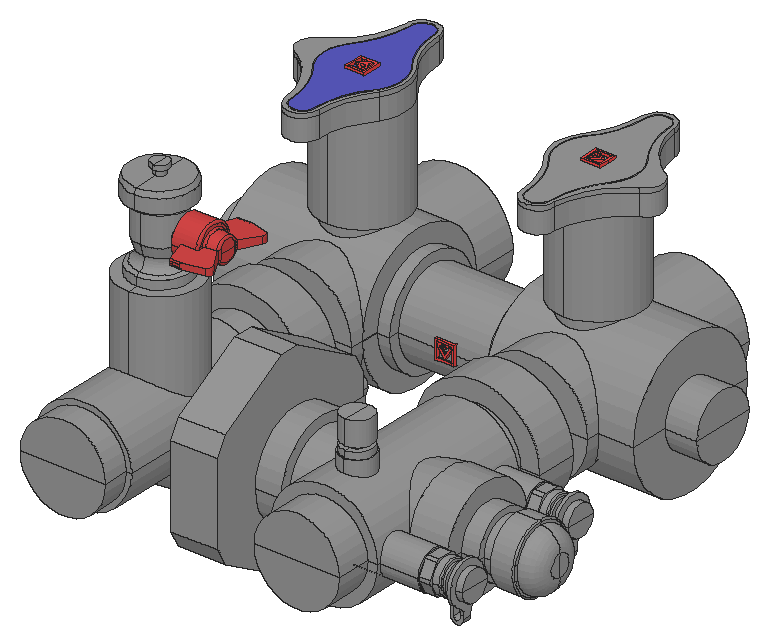
Revit family "HerzCon-Fan-coils and terminal units connection 120mm", category Rohrzubehör, Revit 2020
Family settings
  Bemaßung runder Anschluss = Durchmesser verwenden
  Teiletyp = Unterbricht
  OmniClass-Nummer = 23.65.55.14
  OmniClass-Titel = Valves for Liquid Services
  Arbeitsebenenbasiert = Nein
  Immer vertikal = Ja
  Beim Laden mit Abzugskörper schneiden = Nein
  Gemeinsam genutzt = Nein
Parameters (values of type "DN32")
  kvs-Wert (normal funktion) = 4.57  # constant formula
  kvs-Wert (bypass funktion) = 14.2  # constant formula
  Vorgabe-Ansicht = 0.00 mm
  URL = "www.herzvalves.com"
  SCRNSEQ = "ARM;TYP_ARM=\"DURR\";02"
  SCRNCODE = "05;04;04"  # constant formula
  Part number [instance] = 1460054  # constant formula
  Nennweite SF [instance] = 40.00 mm  # constant formula
  Nennweite Kombi [instance] = 40.00 mm  # constant formula
  Nennweite KH [instance] = 32.00 mm  # constant formula
  Min. operating temperature = -20 °C  # constant formula
  Membranes and O-rings = "EPDM"  # constant formula
  Medium = "Water purity in accordance with the ÖNORM H 5195 and VDI 2035 standards.\r\nEthylene and propylene glycol can be mixed to a ratio of 25 - 50 vol. [%]."
  Max. operating temperature = 130 °C  # constant formula
  Max. operating pressure = 2500000.0 Pa  # constant formula
  Max. differential pressure = 400000.0 Pa  # constant formula
  L11 = 16.00 mm  # constant formula
  L10 = 29.30 mm  # constant formula
  L09 = 20.00 mm  # constant formula
  L08 = 14.75 mm  # constant formula
  L07 = 19.25 mm  # constant formula
  L06 = 17.00 mm  # constant formula
  L05 = 26.50 mm  # constant formula
  L04 = 55.00 mm  # constant formula
  L03 = 22.40 mm  # constant formula
  L02 = 6.10 mm  # constant formula
  L01 = 15.00 mm  # constant formula
  L00 [instance] = 226.20 mm  # constant formula
  KR02 = 18.25 mm  # constant formula
  KR01 = 35.00 mm  # constant formula
  KL09 = 4.70 mm  # constant formula
  KL08 = KL06 + KL07  # 70.70 mm
  KL07 = 21.80 mm  # constant formula
  KL06 = KH01 + KL05  # 48.90 mm
  KL05 = 15.40 mm  # constant formula
  KL04 = 12.00 mm  # constant formula
  KL03 = KH03 - 9.00 mm  # 57.00 mm
  KL02 = 16.00 mm  # constant formula
  KL01 = 114.00 mm  # constant formula
  KH03 = 66.00 mm  # constant formula
  KH02 = KH01 + KD01  # 58.50 mm
  KH01 = 33.50 mm  # constant formula
  KD09 = 11.25 mm  # constant formula
  KD08 = 24.50 mm  # constant formula
  KD07 = 23.30 mm  # constant formula
  KD06 = 15.00 mm  # constant formula
  KD05 = 12.50 mm  # constant formula
  KD04 = 13.90 mm  # constant formula
  KD03 = 20.00 mm  # constant formula
  KD02 = 20.00 mm  # constant formula
  KD01 = 25.00 mm  # constant formula
  Lift = "4 mm"  # constant formula
  Hersteller = "HERZ Armaturen Ges.m.b.H."  # constant formula
  H01 = D02 + 1.00 mm  # 34.00 mm
  D10 = 21.40 mm  # constant formula
  D09 = 13.00 mm  # constant formula
  D08 = 18.40 mm  # constant formula
  D07 = 39.00 mm  # constant formula
  D06 = 45.00 mm  # constant formula
  D05 = 54.50 mm  # constant formula
  D04 = 20.00 mm  # constant formula
  D03 = 24.50 mm  # constant formula
  D02 = 33.00 mm  # constant formula
  D01 = 15.00 mm  # constant formula
  Body = "dezincification-resistant brass"  # constant formula
  Application = "HerzCON has been designed to give a simple connection to fan-coils, or other terminal units, and utilises the HERZ 4006 SMART Pressure Independent Balancing Control Valve with HERZ multifunctional ball valve and a HERZ strainer with HERZ drain valve 2512.\r\nOn/off or modulating 0 – 10 V DC actuators can be fitted and integrated to a BMS if required.\r\nThe unit allows pressure independent control ensuring full stroke regardless of pressure fluctuations, while guaranteeing a constant flow rate to the terminal unit maximising energy efficiency for the system.\r\nThe HerzCON unit also permits flushing and isolating operations to be undertaken.\r\nThis means there is no product differentiation between heating and chilled, one unit does both applications.\r\nThe drain cock fitted to the strainer allows flushing without the need to remove the strainer basket and also allows the strainer basket to be cleaned in-situ."
Reference planes
  plane 1 "Mitte (Vorne/hinten)": y = 0
  plane 2: z = 0
  plane 3 "Mitte (Links/rechts)": x = 0
Forms (mm)
  Revolve 1, solid, material "Messing, weicher Gelbton, geschweißt", detail levels fine
    sketch origin (0, -1.436, 0) x (1, 0, 0) y (0, 1, 0)
      loop
        line (-113.1, 1.436) -> (113.1, 1.436) -> (113.1, 16.436) -> (98.1, 16.436) -> (98.1, 34.436) -> (28.5, 34.436) -> (28.5, 25.936) -> (22.4, 25.936) -> (22.4, 21.436) -> (-22.4, 21.436) -> (-22.4, 25.936) -> (-28.5, 25.936) -> (-28.5, 34.436) -> (-98.1, 34.436) -> (-98.1, 16.436) -> (-113.1, 16.436) -> (-113.1, 1.436)
      axis (113.1, 1.436) -> (-113.1, 1.436)
    angle from 0 to 360
  Revolve 2, solid, material "Messing, weicher Gelbton, geschweißt", detail levels fine
    sketch origin (0, 0, 0) x (-1, 0, 0) y (0, 1, 0)
      loop
        line (-55, -57.4) -> (-55, 33.1) -> (-71, 33.1) -> (-71, 54.5) -> (-81.5, 54.5) -> (-81.5, -39) -> (-69.75, -39) -> (-69.75, -51.4) -> (-84.3, -51.4) -> (-84.3, -70.4) -> (-75, -70.4) -> (-75, -57.4) -> (-55, -57.4)
      axis (-55, -70.4) -> (-55, 54.5)
    angle from 0 to 360
  Revolve 3, solid, material "Messing, weicher Gelbton, geschweißt", detail levels fine
    sketch origin (0, 0, 0) x (1, 0, 0) y (0, 0, 1)
      loop
        line (-55, 0) -> (-55, 45) -> (-72, 45) -> (-72, 0) -> (-55, 0)
      axis (-55, 45) -> (-55, 0)
    angle from 0 to 360
  Revolve 4, solid, material "Messing, weicher Gelbton, geschweißt", detail levels fine
    sketch origin (0, 0, 0) x (-1, 0, 0) y (0, 0, 1)
      loop
        line (-55, 0) -> (-55, 45) -> (-72, 45) -> (-72, 0) -> (-55, 0)
      axis (-55, 45) -> (-55, 0)
    angle from 0 to 360
  Revolve 5, solid, material "Messing, weicher Gelbton, geschweißt", detail levels fine
    sketch origin (0, 0, 0) x (1, 0, 0) y (0, 1, 0)
      loop
        line (-55, -57.4) -> (-55, 33.1) -> (-71, 33.1) -> (-71, 54.5) -> (-81.5, 54.5) -> (-81.5, -39) -> (-69.75, -39) -> (-69.75, -51.4) -> (-84.3, -51.4) -> (-84.3, -70.4) -> (-75, -70.4) -> (-75, -57.4) -> (-55, -57.4)
      axis (-55, -70.4) -> (-55, 54.5)
    angle from 0 to 360
  Revolve 6, solid, material "Messing, weicher Gelbton, geschweißt", detail levels fine
    sketch origin (10, 7.177, 0) x (1, 0, 0) y (0, 1, 0)
      loop
        line (45, -68.677) -> (25, -68.677) -> (25, -84.677) -> (20, -84.677) -> (20, -166.677) -> (25, -166.677) -> (25, -182.677) -> (45, -182.677) -> (45, -68.677)
      axis (45, -68.677) -> (45, -182.677)
    angle from 0 to 360
  Revolve 7, solid, material "Messing, weicher Gelbton, geschweißt", detail levels fine
    sketch origin (10, -105.85, 0) x (1, 0, 0) y (0, 1, 0)
      loop
        line (11.5, -12.65) -> (11.5, -32.65) -> (45, -32.65) -> (70, -35.95) -> (87.8, -35.95) -> (87.8, -27.65) -> (96.3, -27.65) -> (96.3, -25.15) -> (102, -25.15) -> (102, -26.55) -> (111, -26.55) -> (111, -12.65) -> (11.5, -12.65)
      axis (11.5, -12.65) -> (111, -12.65)
    angle from 0 to 360
  Revolve 8, solid, material "Messing, weicher Gelbton, geschweißt", detail levels fine
    sketch origin (10, -105.85, 0) x (1, 0, 0) y (0, 1, 0)
      loop
        line (11.5, -12.65) -> (-3.9, -12.65) -> (-3.9, -23.9) -> (-0.5, -23.9) -> (-0.5, -37.15) -> (11.5, -37.15) -> (11.5, -12.65)
      axis (-3.9, -12.65) -> (11.5, -12.65)
    angle from 0 to 360
  Extrusion 9, solid, material "Messing, weicher Gelbton, geschweißt", detail levels fine
    sketch origin (-4.9, 62.574, 0) x (0, 1, 0) y (0, 0, 1)
      loop
        line (-176.324, 46) -> (-185.824, 46) -> (-218.536, 27.114) -> (-223.286, 18.886) -> (-223.286, -18.886) -> (-218.536, -27.114) -> (-185.824, -46) -> (-176.324, -46) -> (-143.612, -27.114) -> (-138.862, -18.886) -> (-138.862, 18.886) -> (-143.612, 27.114) -> (-176.324, 46)
    from 11 to -10.8
  Revolve 10, solid, material "Messing, weicher Gelbton, geschweißt", detail levels fine
    sketch origin (-4.9, -105.85, 0) x (1, 0, 0) y (0, 1, 0)
      loop
        line (-10.8, -12.65) -> (-10.8, 22.35) -> (-15.5, 5.6) -> (-15.5, -12.65) -> (-10.8, -12.65)
      axis (-15.5, -12.65) -> (-10.8, -12.65)
    angle from 0 to 360
  Extrusion 11, solid, material "Messing, weicher Gelbton, geschweißt", detail levels fine
    sketch origin (-4.9, -105.85, 0) x (1, 0, 0) y (0, 0, 1)
      loop
        line (11, 8) -> (-7.5, 8)
        arc (-7.5, 8) -> (-15.5, 0) -> (-7.5, -8) r 8
        line (-7.5, -8) -> (11, -8) -> (11, 8)
    from -30.847 to 12.65
  Revolve 12, solid, material "Messing, weicher Gelbton, geschweißt", detail levels fine
    sketch origin (-4.9, -105.85, 0) x (1, 0, 0) y (0, 1, 0)
      loop
        line (-14.5, 30.847) -> (-7.5, 30.847) -> (-7.5, 46.847) -> (-14.5, 46.847) -> (-14.5, 35.847) -> (-11.5, 35.847) -> (-11.5, 33.847) -> (-14.5, 33.847) -> (-14.5, 30.847)
      axis (-7.5, 46.847) -> (-7.5, 30.847)
    angle from 0 to 360
  Revolve 13, solid, material "Messing, weicher Gelbton, geschweißt", detail levels fine
    sketch origin (55, -105.85, 0) x (0, 1, 0) y (0, 0, 1)
      loop
        line (-34.65, 0) -> (-26.85, 0) -> (-26.85, 31) -> (-27.65, 31) -> (-27.65, 34) -> (-30.65, 34) -> (-30.65, 36) -> (-27.65, 36) -> (-27.65, 47) -> (-34.65, 47) -> (-34.65, 0)
      axis (-34.65, 47) -> (-34.65, 0)
    angle from 0 to 360
  Revolve 14, solid, material "Messing, weicher Gelbton, geschweißt", detail levels fine
    sketch origin (0, 0, 0) x (1, 0, 0) y (0, 1, 0)
      loop
        line (55, -96.5) -> (97.8, -96.5) -> (97.8, -87.5) -> (55, -87.5) -> (55, -96.5)
      axis (97.8, -87.5) -> (55, -87.5)
    angle from 0 to 360
  Revolve 15, solid, material "Messing, weicher Gelbton, geschweißt", detail levels fine
    sketch origin (0, -396.8, 0) x (1, 0, 0) y (0, -1, 0)
      loop
        line (55, -256.3) -> (97.8, -256.3) -> (97.8, -247.3) -> (55, -247.3) -> (55, -256.3)
      axis (97.8, -247.3) -> (55, -247.3)
    angle from 0 to 360
  Revolve 16, solid, material "Messing, weicher Gelbton, geschweißt", detail levels fine
    sketch origin (0, 251.113, 0) x (1, 0, 0) y (0, 1, 0)
      loop
        line (-55, -312.613) -> (-75, -312.613) -> (-75, -335.613) -> (-77.5, -335.613) -> (-77.5, -413.943) -> (-75, -413.943) -> (-75, -425.613) -> (-55, -425.613) -> (-55, -312.613)
      axis (-55, -312.613) -> (-55, -425.613)
    angle from 0 to 360
  Revolve 17, solid, material "Messing, weicher Gelbton, geschweißt", detail levels fine
    sketch origin (-55, 0, 0) x (0, 1, 0) y (0, 0, 1)
      loop
        line (-105, 0) -> (-105, -36)
        arc (-105, -36) -> (-92.506, -32.657) -> (-84.5, -22.5) r 20.5
        line (-84.5, -22.5) -> (-84.5, 0) -> (-105, 0)
      axis (-105, 0) -> (-105, -36)
    angle from 0 to 360
  Revolve 18, solid, material "Messing, weicher Gelbton, geschweißt", detail levels fine
    sketch origin (-55, -511.376, 0) x (0, 1, 0) y (0, 0, 1)
      loop
        line (393.376, 0) -> (411.876, 0) -> (411.876, 57) -> (406.876, 57) -> (406.876, 61) -> (404.999, 62.084)
        arc (404.999, 62.084) -> (402.831, 64.622) -> (402.743, 67.959) r 5
        line (402.743, 67.959) -> (404.381, 73) -> (404.381, 88) -> (406.581, 88) -> (406.581, 89.5) -> (408.361, 89.5) -> (408.361, 96) -> (407.361, 98.5) -> (395.861, 98.5) -> (395.861, 101.5) -> (397.361, 101.5) -> (397.361, 103.5) -> (393.376, 103.5) -> (393.376, 0)
      axis (393.376, 103.5) -> (393.376, 0)
    angle from 0 to 360
  Extrusion 19, solid, material "Messing, weicher Gelbton, geschweißt", detail levels fine
    sketch origin (5.52, -501.459, 12) x (0, 1, 0) y (0, 0, 1)
      loop
        circle (383.459, 65) r 5.5
    from -60.52 to -43.52
Dimensions and locks
  "L00": Revolve 1 sketch curve to Revolve 1 sketch curve
  "L01": Revolve 1 sketch curve to Revolve 1 sketch curve  (x2)
  "L02": Revolve 1 sketch curve to Revolve 1 sketch curve  (x2)
  equal spacing: Revolve 1 sketch curve, plane 3 "Mitte (Links/rechts)", Revolve 1 sketch curve
  "D01": Revolve 1 sketch curve to Revolve 1 sketch curve  (x2)
  "D02": Revolve 1 sketch curve to Revolve 1 sketch curve  (x2)
  "D03": Revolve 1 sketch curve to Revolve 1 sketch curve  (x2)
  "D04": Revolve 1 sketch curve to Revolve 1 sketch curve
  "D04": nested 2 to plane 1 "Mitte (Vorne/hinten)"
  "D04": nested 1 to plane 1 "Mitte (Vorne/hinten)"
  "L03": Revolve 1 sketch curve to plane 3 "Mitte (Links/rechts)" to Revolve 1 sketch curve
  "L05": Revolve 2 sketch curve to Revolve 2 sketch curve
  "L04": plane 3 "Mitte (Links/rechts)" to Revolve 2 sketch curve  (x2)
  "L04": plane 3 "Mitte (Links/rechts)" to Revolve 3 sketch curve  (x2)
  "L06": Revolve 3 sketch curve to Revolve 3 sketch curve
  "D06": Revolve 3 sketch curve to plane 2
  "L06": Revolve 4 sketch curve to Revolve 4 sketch curve
  "D06": Revolve 4 sketch curve to plane 2
  "L04": plane 3 "Mitte (Links/rechts)" to Revolve 4 sketch curve
  "L04": Revolve 4 sketch curve to plane 3 "Mitte (Links/rechts)"
  "L04": plane 3 "Mitte (Links/rechts)" to nested 3
  "L04": nested 4 to plane 3 "Mitte (Links/rechts)"
  "H01": nested 3 to plane 2
  "H01": nested 4 to plane 2
  "D05": plane 1 "Mitte (Vorne/hinten)" to Revolve 2 sketch curve
  "D07": Revolve 2 sketch curve to plane 1 "Mitte (Vorne/hinten)"
  "D08": Revolve 2 sketch curve to Revolve 2 sketch curve
  "L08": Revolve 2 sketch curve to Revolve 2 sketch curve
  "L10": Revolve 2 sketch curve to Revolve 2 sketch curve
  "L09": Revolve 2 sketch curve to Revolve 2 sketch curve
  "D09": Revolve 2 sketch curve to Revolve 2 sketch curve
  "L05": Revolve 5 sketch curve to Revolve 5 sketch curve
  "D08": Revolve 5 sketch curve to Revolve 5 sketch curve
  "L08": Revolve 5 sketch curve to Revolve 5 sketch curve
  "L10": Revolve 5 sketch curve to Revolve 5 sketch curve
  "L09": Revolve 5 sketch curve to Revolve 5 sketch curve
  "D09": Revolve 5 sketch curve to Revolve 5 sketch curve
  "D05": plane 1 "Mitte (Vorne/hinten)" to Revolve 5 sketch curve
  "D07": Revolve 5 sketch curve to plane 1 "Mitte (Vorne/hinten)"
  "L11": Revolve 5 sketch curve to Revolve 5 sketch curve
  "L04": Revolve 5 sketch curve to plane 3 "Mitte (Links/rechts)"  (x2)
  "D10": Revolve 5 sketch curve to Revolve 5 sketch curve
  "L11": Revolve 2 sketch curve to Revolve 2 sketch curve
  "D10": Revolve 2 sketch curve to Revolve 2 sketch curve
  "KD02": Revolve 6 sketch curve to Revolve 6 sketch curve  (x2)
  "KD01": Revolve 6 sketch curve to Revolve 6 sketch curve
  Revolve 6 sketch curve to Revolve 6 sketch curve = 114.00 mm
  "KL02": Revolve 6 sketch curve to Revolve 6 sketch curve  (x2)
  equal spacing: Revolve 6, Revolve 7 sketch curve, Revolve 6  (x2)
  Revolve 7 sketch curve to Revolve 7 sketch curve = 99.50 mm
  Revolve 7 sketch curve to Revolve 7 sketch curve = 9.00 mm
  Revolve 7 sketch curve to Revolve 7 sketch curve = 5.70 mm
  Revolve 7 sketch curve to Revolve 7 sketch curve = 8.50 mm
  "KD04": Revolve 7 sketch curve to Revolve 7 sketch curve
  "KD05": Revolve 7 sketch curve to Revolve 7 sketch curve
  "KD06": Revolve 7 sketch curve to Revolve 7 sketch curve
  "KD03": Revolve 7 sketch curve to Revolve 7 sketch curve
  "KH01": Revolve 7 sketch curve to Revolve 7 sketch curve
  "KH02": Revolve 7 sketch curve to Revolve 7 sketch curve
  "KH01": Revolve 8 sketch curve to Revolve 7
  equal spacing: Revolve 6, Revolve 8 sketch curve, Revolve 6  (x2)
  "KD08": Revolve 8 sketch curve to Revolve 8 sketch curve
  "KD09": Revolve 8 sketch curve to Revolve 8 sketch curve
  "KL05": Revolve 8 sketch curve to Revolve 8 sketch curve
  "KL04": Revolve 8 sketch curve to Revolve 8 sketch curve
  equal spacing: Revolve 6, Revolve 10 sketch curve, Revolve 6  (x2)
  "KR02": Revolve 10 sketch curve to Revolve 10 sketch curve
  "KR01": Revolve 10 sketch curve to Revolve 10 sketch curve
  "KL09": Revolve 10 sketch curve to Extrusion 9
  equal spacing: Revolve 6, nested 5, Revolve 6
  Revolve 12 sketch curve to Revolve 12 sketch curve = 7.00 mm  (x2)
  Revolve 12 sketch curve to Revolve 12 sketch curve = 4.00 mm
  Revolve 12 sketch curve to Revolve 12 sketch curve = 3.00 mm
  Revolve 12 sketch curve to Revolve 12 sketch curve = 2.00 mm
  Revolve 12 sketch curve to Revolve 12 sketch curve = 11.00 mm
  Revolve 10 to Revolve 12 sketch curve = 1.00 mm
  Revolve 10 to Revolve 12 sketch curve = 8.00 mm
  Extrusion 11 to Revolve 12 sketch curve = 43.497 mm
  equal spacing: Revolve 6, Extrusion 11, Revolve 6
  Revolve 13 sketch curve to Revolve 13 sketch curve = 7.80 mm
  Revolve 13 sketch curve to Revolve 13 sketch curve = 7.00 mm  (x2)
  Revolve 13 sketch curve to Revolve 13 sketch curve = 4.00 mm
  Revolve 13 sketch curve to Revolve 13 sketch curve = 3.00 mm
  Revolve 13 sketch curve to Revolve 13 sketch curve = 2.00 mm
  Revolve 13 sketch curve to Revolve 13 sketch curve = 11.00 mm
  "L04": plane 3 "Mitte (Links/rechts)" to Revolve 6 sketch curve  (x2)
  "KH03": Revolve 7 sketch curve to Revolve 7 sketch curve
  "KD07": Revolve 7 sketch curve to Revolve 7 sketch curve
  "KL03": Revolve 7 to nested 5
  "KL06": Extrusion 9 to Revolve 7
  Extrusion 9 sketch curve to Extrusion 9 sketch curve = 92.00 mm  (x3)
  Extrusion 9 sketch curve to Extrusion 9 sketch curve = 84.424 mm  (x3)
  "KL07": Extrusion 9 to Extrusion 9
  "KL08": Revolve 10 sketch curve to Revolve 7
  Revolve 6 to Extrusion 9 sketch curve = 14.788 mm
  Extrusion 9 sketch curve to Revolve 6 = 14.788 mm
  Extrusion 11 sketch curve to Extrusion 11 sketch curve = 26.50 mm
  Revolve 14 sketch curve to Revolve 14 sketch curve = 42.80 mm
  Revolve 14 sketch curve to Revolve 14 sketch curve = 9.00 mm
  Revolve 14 sketch curve to Revolve 6 = 26.00 mm  (x2)
  Revolve 15 sketch curve to Revolve 15 sketch curve = 42.80 mm
  Revolve 15 sketch curve to Revolve 15 sketch curve = 9.00 mm
  Revolve 6 to Revolve 15 sketch curve = 26.00 mm  (x2)
  Revolve 6 to nested 6 = 26.00 mm
  Revolve 7 to nested 6 = 42.80 mm
  nested 7 to Revolve 6 = 26.00 mm
  Revolve 7 to nested 7 = 42.80 mm
  Revolve 13 sketch curve to plane 2 = 31.00 mm
  Revolve 13 sketch curve to Revolve 6 = 35.00 mm  (x2)
  Revolve 2 to Revolve 6 = 230.00 mm
  Revolve 16 sketch curve to Revolve 16 sketch curve = 23.00 mm
  Revolve 16 sketch curve to Revolve 16 sketch curve = 11.67 mm
  Revolve 16 sketch curve to Revolve 16 sketch curve = 113.00 mm
  "L04": Revolve 16 sketch curve to plane 3 "Mitte (Links/rechts)"  (x2)
  Revolve 16 sketch curve to Revolve 16 sketch curve = 20.00 mm  (x2)
  Revolve 16 sketch curve to Revolve 16 sketch curve = 22.50 mm
  Revolve 17 sketch curve to Revolve 17 sketch curve = 22.50 mm
  Revolve 17 sketch curve to Revolve 17 sketch curve = 20.50 mm
  "L04": Revolve 17 to plane 3 "Mitte (Links/rechts)"
  Revolve 18 sketch curve to Revolve 18 sketch curve = 13.50 mm
  "L04": Revolve 18 to plane 3 "Mitte (Links/rechts)"
  Revolve 18 sketch curve to plane 2 = 57.00 mm
  Revolve 18 sketch curve to Revolve 18 sketch curve = 4.00 mm
  equal spacing: Revolve 16, Revolve 18 sketch curve, Revolve 16  (x2)
  "L04": Extrusion 19 to plane 3 "Mitte (Links/rechts)"
  Extrusion 19 to Extrusion 19 = 17.00 mm
  Revolve 18 to Extrusion 19 = 11.00 mm
  Revolve 18 to nested 8 = 11.00 mm
  equal spacing: Revolve 16, nested 8, Revolve 16
  equal spacing: Revolve 16, Extrusion 19 sketch curve, Revolve 16
  Revolve 16 to Revolve 5 = 229.00 mm
  Revolve 16 to Revolve 17 sketch curve = 43.50 mm  (x2)
  plane 2 to Revolve 17 sketch curve = 36.00 mm
  radius of Extrusion 11 sketch curve = 8.00 mm
  radius of Extrusion 19 sketch curve = 5.50 mm
  aligned and locked: level to plane 2
Automatic sketch dimensions
  Extrusion 9 sketch curve to level = 27.114 mm  (x2)
  Extrusion 9 sketch curve to Extrusion 9 sketch curve = 4.75 mm  (x2)
  level to Extrusion 9 sketch curve = 27.114 mm  (x2)
  Extrusion 9 sketch curve to Extrusion 9 sketch curve = 32.712 mm  (x2)
  level to Extrusion 9 sketch curve = 46.00 mm
  Extrusion 9 sketch curve to Extrusion 9 sketch curve = 9.50 mm
  Extrusion 9 sketch curve to Extrusion 9 sketch curve = 8.227 mm  (x2)
  Extrusion 11 sketch curve to level = 0.00 mm
  Extrusion 11 sketch curve to plane 3 "Mitte (Links/rechts)" = 12.40 mm
  Revolve 12 sketch curve to Revolve 12 sketch curve = 1.775 mm
  Revolve 12 sketch curve to Revolve 12 sketch curve = 4.225 mm
  Revolve 13 sketch curve to level = 0.00 mm
  level to Revolve 13 sketch curve = 7.505 mm
  Revolve 13 sketch curve to Revolve 13 sketch curve = 10.256 mm
  plane 3 "Mitte (Links/rechts)" to Revolve 14 sketch curve = 55.00 mm
  Revolve 14 sketch curve to Revolve 14 sketch curve = 12.80 mm
  Revolve 14 sketch curve to Revolve 14 sketch curve = 5.00 mm
  Revolve 15 sketch curve to plane 3 "Mitte (Links/rechts)" = 55.00 mm
  Revolve 15 sketch curve to Revolve 15 sketch curve = 12.80 mm
  Revolve 15 sketch curve to Revolve 15 sketch curve = 5.00 mm
  Revolve 17 sketch curve to level = 0.00 mm
  Revolve 17 sketch curve to Revolve 17 sketch curve = 1.219 mm
  Revolve 17 sketch curve to Revolve 17 sketch curve = 6.00 mm
  Revolve 17 sketch curve to level = 5.00 mm
  Revolve 18 sketch curve to level = 0.00 mm
  Revolve 18 sketch curve to Revolve 18 sketch curve = 2.485 mm
  Revolve 18 sketch curve to Revolve 18 sketch curve = 1.50 mm  (x2)
  level to Revolve 18 sketch curve = 67.959 mm
  Revolve 18 sketch curve to Revolve 18 sketch curve = 6.883 mm
  Revolve 18 sketch curve to Revolve 18 sketch curve = 8.52 mm
  level to Revolve 18 sketch curve = 62.084 mm
  Revolve 18 sketch curve to Revolve 18 sketch curve = 2.255 mm
  Revolve 18 sketch curve to Revolve 18 sketch curve = 2.20 mm
  level to Revolve 18 sketch curve = 98.50 mm
  Revolve 18 sketch curve to Revolve 18 sketch curve = 0.78 mm
  Revolve 18 sketch curve to Revolve 18 sketch curve = 2.50 mm  (x2)
  Revolve 18 sketch curve to Revolve 18 sketch curve = 1.78 mm
  Revolve 18 sketch curve to Revolve 18 sketch curve = 5.041 mm
  Revolve 18 sketch curve to Revolve 18 sketch curve = 10.50 mm
  Revolve 18 sketch curve to Revolve 18 sketch curve = 3.00 mm
  Revolve 18 sketch curve to Revolve 18 sketch curve = 2.00 mm
  Revolve 18 sketch curve to Revolve 18 sketch curve = 8.124 mm
  Revolve 18 sketch curve to Revolve 18 sketch curve = 5.00 mm
  Revolve 18 sketch curve to Revolve 18 sketch curve = 21.227 mm
  level to Extrusion 19 sketch curve = 77.00 mm
  Revolve 1 sketch curve to plane 1 "Mitte (Vorne/hinten)" = 0.00 mm
  plane 1 "Mitte (Vorne/hinten)" to Revolve 1 sketch curve = 0.00 mm
  Revolve 1 sketch curve to Revolve 1 sketch curve = 1904.835 mm  (x2)
  Revolve 2 sketch curve to Revolve 2 sketch curve = 6.00 mm
  Revolve 2 sketch curve to Revolve 2 sketch curve = 7.746 mm
  Revolve 2 sketch curve to Revolve 2 sketch curve = 7.208 mm
  Revolve 3 sketch curve to level = 0.00 mm  (x2)
  Revolve 3 sketch curve to Revolve 3 sketch curve = 6.726 mm
  Revolve 4 sketch curve to level = 0.00 mm  (x2)
  Revolve 4 sketch curve to Revolve 4 sketch curve = 6.726 mm
  Revolve 5 sketch curve to Revolve 5 sketch curve = 6.00 mm
  Revolve 5 sketch curve to Revolve 5 sketch curve = 7.746 mm
  Revolve 5 sketch curve to Revolve 5 sketch curve = 7.208 mm
  plane 1 "Mitte (Vorne/hinten)" to Revolve 6 sketch curve = 175.50 mm
  Revolve 6 sketch curve to Revolve 6 sketch curve = 6.00 mm
  Revolve 6 sketch curve to Revolve 6 sketch curve = 5.00 mm
  plane 3 "Mitte (Links/rechts)" to Revolve 7 sketch curve = 21.50 mm
  Revolve 7 sketch curve to Revolve 7 sketch curve = 5.00 mm
  Revolve 7 sketch curve to Revolve 7 sketch curve = 11.575 mm
  Revolve 8 sketch curve to Revolve 8 sketch curve = 2.197 mm
  Revolve 8 sketch curve to Revolve 8 sketch curve = 3.212 mm
  Revolve 10 sketch curve to Revolve 10 sketch curve = 0.00 mm  (x2)
  plane 1 "Mitte (Vorne/hinten)" to Revolve 16 sketch curve = 174.50 mm
  Revolve 16 sketch curve to Revolve 16 sketch curve = 26.33 mm
  Revolve 16 sketch curve to Revolve 16 sketch curve = 12.00 mm
Nested families
  nested 1: "Herz-Logo-vorne" at (0, -20, 0) x (0, 1, 0) z (0, 0, 1), type "Herz-Logo-vorne", detail levels fine
  nested 2: "Herz-Logo-vorne" at (0, 20, 0) x (0, 1, 0) z (0, 0, 1), type "Herz-Logo-vorne", detail levels fine
  nested 3: "Handrad (blau) für HerzCon DN25-DN32" at (-55, 0, 34) x (0, -1, 0) z (0, 0, 1), type "Handrad (blau) für HerzCon DN25-DN32", detail levels fine
  nested 4: "Handrad (rot) für HerzCon DN25-DN32" at (55, 0, 34) x (0, 1, 0) z (0, 0, 1), type "Handrad (rot) für HerzCon DN25-DN32", detail levels fine
  nested 5: "Bauschutzkappe für HerCon" at (112, -118.5, 0), type "Bauschutzkappe für HerCon", detail levels fine
  nested 6: "Messstutzen_Band_Eintritt" at (80.3, -149.5, 0) x (0, 1, 0) z (0, 0, 1), type "Messstutzen_Band_Eintritt", detail levels fine
    with Schutzkappe yes, Nennweite 0.00 mm, Gewicht 0.00 kg, Bestellnummer 0
  nested 7: "Messstutzen_Band_Austritt" at (80.3, -87.5, 0) x (0, 1, 0) z (0, 0, 1), type "Messstutzen_Band_Austritt", detail levels fine
    with Schutzkappe yes, Nennweite 0.00 mm, Gewicht 0.00 kg, Bestellnummer 0
  nested 8: "Flügelgriff rot (seite)" at (-42, -118, 77), type "Flügelgriff rot (seite)"
Connectors
  piping at (55, -175.5, 0), diameter 40, driven by "Nennweite Kombi"
    settings: on Revolve 6, index 1, connector inside diameter 609.6 mm, connector length 0.00 mm, flow factor 0, pipe flow 0.0 L/s, pressure drop 0.0 Pa, fitting loss kfactor 0, connector angle 0.00°, fixture units 0, engagement length 0.00 mm, angle of deflection 0.00°, flow configuration 0, flow direction 1, fitting loss method 0, system type 7, joint type 0, gender type 0, connector reference index -1, connector utility 0, adjustable connector no, is connector primary yes, connector description ""
  piping at (-55, -174.5, 0), diameter 40, driven by "Nennweite SF"
    settings: on Revolve 16, index 2, connector inside diameter 609.6 mm, connector length 0.00 mm, flow factor 0, pipe flow 0.0 L/s, pressure drop 0.0 Pa, fitting loss kfactor 0, connector angle 0.00°, fixture units 0, engagement length 0.00 mm, angle of deflection 0.00°, flow configuration 0, flow direction 2, fitting loss method 0, system type 8, joint type 0, gender type 0, connector reference index -1, connector utility 0, adjustable connector no, is connector primary no, connector description ""
  piping at (55, 33.1, 0), diameter 32, driven by "Nennweite KH"
    settings: on Revolve 2, index 3, connector inside diameter 609.6 mm, connector length 0.00 mm, flow factor 0, pipe flow 0.0 L/s, pressure drop 0.0 Pa, fitting loss kfactor 0, connector angle 0.00°, fixture units 0, engagement length 0.00 mm, angle of deflection 0.00°, flow configuration 0, flow direction 2, fitting loss method 0, system type 7, joint type 0, gender type 0, connector reference index -1, connector utility 0, adjustable connector no, is connector primary no, connector description ""
  piping at (-55, 33.1, 0), diameter 32, driven by "Nennweite KH"
    settings: on Revolve 5, index 4, connector inside diameter 609.6 mm, connector length 0.00 mm, flow factor 0, pipe flow 0.0 L/s, pressure drop 0.0 Pa, fitting loss kfactor 0, connector angle 0.00°, fixture units 0, engagement length 0.00 mm, angle of deflection 0.00°, flow configuration 0, flow direction 1, fitting loss method 0, system type 8, joint type 0, gender type 0, connector reference index -1, connector utility 0, adjustable connector no, is connector primary no, connector description ""
Definition of nested family "Herz-Logo-vorne"
  Parameters (values of type "Herz-Logo-vorne")
    Default Elevation = 0.00 mm
  Reference planes
    plane 1 "Mitte (Vorne/hinten)": y = 0
    plane 2: z = 0
    plane 3 "Mitte (Links/rechts)": x = 0
  Forms (mm)
    Extrusion 1, solid
      sketch origin (0.732, -0.018, 0.017) x (0, -1, 0) y (0, 0, 1)
        loop
          line (-0.018, -4.517) -> (4.482, -4.517) -> (4.482, 4.483) -> (-4.518, 4.483) -> (-4.518, -4.517) -> (-0.018, -4.517)
        loop
          line (-0.05, -3.48) -> (3.482, -3.48) -> (3.482, 3.483) -> (-3.518, 3.483) -> (-3.518, -3.48) -> (-0.05, -3.48)
        loop
          arc (-0.018, 2.383) -> (-1.543, 3.287) -> (-3.067, 2.383) r 1.738
          arc (-3.067, 2.383) -> (-3.191, 1.899) -> (-3.067, 1.415) r 1.009
          line (-3.067, 1.415) -> (-0.018, -3.281) -> (3.032, 1.415)
          arc (3.032, 1.415) -> (3.156, 1.899) -> (3.032, 2.383) r 1.009
          arc (3.032, 2.383) -> (1.507, 3.287) -> (-0.018, 2.383) r 1.738
        loop
          arc (1.885, 1.272) -> (2.005, 1.675) -> (1.885, 2.079) r 0.74
          arc (1.885, 2.079) -> (1.265, 2.416) -> (0.644, 2.079) r 0.74
          line (0.644, 2.079) -> (-0.018, 0.97) -> (-0.679, 2.079)
          arc (-0.679, 2.079) -> (-1.3, 2.416) -> (-1.921, 2.079) r 0.74
          arc (-1.921, 2.079) -> (-2.04, 1.675) -> (-1.921, 1.272) r 0.74
          line (-1.921, 1.272) -> (-0.018, -1.658) -> (1.885, 1.272)
      from 0 to 1.5
  Dimensions and locks
    aligned and locked: level to plane 2
Definition of nested family "Handrad (blau) für HerzCon DN25-DN32"
  Parameters (values of type "Handrad (blau) für HerzCon DN25-DN32")
    Default Elevation = 0.00 mm
  Reference planes
    plane 1 "Mitte (Vorne/hinten)": y = 0
    plane 2: z = 0
    plane 3 "Mitte (Links/rechts)": x = 0
  Forms (mm)
    Extrusion 1, solid, detail levels fine
      sketch origin (0, 0, 0) x (1, 0, 0) y (0, 1, 0)
        loop
          circle (0, 0) r 20
      from 0 to 45
    Extrusion 2, solid, detail levels fine
      sketch origin (0, 0, 0) x (1, 0, 0) y (0, 1, 0)
        loop
          arc (-35, 7.5) -> (-42.5, 0) -> (-35, -7.5) r 7.5
          arc (-35, -7.5) -> (-19.287, -13.2) -> (-7.275, -24.825) r 40
          arc (-7.275, -24.825) -> (0, -30) -> (7.275, -24.825) r 7.7
          arc (7.275, -24.825) -> (19.287, -13.2) -> (35, -7.5) r 40
          arc (35, -7.5) -> (42.5, 0) -> (35, 7.5) r 7.5
          arc (35, 7.5) -> (22.22, 10.127) -> (10.965, 16.726) r 40
          arc (10.965, 16.726) -> (0, 20) -> (-10.965, 16.726) r 20
          arc (-10.965, 16.726) -> (-22.22, 10.127) -> (-35, 7.5) r 40
      from 45 to 55
    Extrusion 3, solid, detail levels fine
      sketch origin (0, 0, 0) x (1, 0, 0) y (0, 1, 0)
        loop
          arc (-35, 7.5) -> (-42.5, 0) -> (-35, -7.5) r 7.5
          arc (-35, -7.5) -> (-19.287, -13.2) -> (-7.275, -24.825) r 40
          arc (-7.275, -24.825) -> (0, -30) -> (7.275, -24.825) r 7.7
          arc (7.275, -24.825) -> (19.287, -13.2) -> (35, -7.5) r 40
          arc (35, -7.5) -> (42.5, 0) -> (35, 7.5) r 7.5
          arc (35, 7.5) -> (22.22, 10.127) -> (10.965, 16.726) r 40
          arc (10.965, 16.726) -> (0, 20) -> (-10.965, 16.726) r 20
          arc (-10.965, 16.726) -> (-22.22, 10.127) -> (-35, 7.5) r 40
        loop
          arc (-34.965, 5.5) -> (-40.5, 0) -> (-34.965, -5.5) r 5.5
          arc (-34.965, -5.5) -> (-21.579, -8.231) -> (-9.777, -15.113) r 42
          arc (-9.777, -15.113) -> (0, -18) -> (9.777, -15.113) r 18
          arc (9.777, -15.113) -> (21.579, -8.231) -> (34.965, -5.5) r 42
          arc (34.965, -5.5) -> (40.5, 0) -> (34.965, 5.5) r 5.5
          arc (34.965, 5.5) -> (21.579, 8.231) -> (9.777, 15.113) r 42
          arc (9.777, 15.113) -> (0, 18) -> (-9.777, 15.113) r 18
          arc (-9.777, 15.113) -> (-21.579, 8.231) -> (-34.965, 5.5) r 42
      from 55 to 57
    Extrusion 4, solid, detail levels fine
      sketch origin (0, 0, 0) x (1, 0, 0) y (0, 1, 0)
        loop
          arc (-34.965, 5.5) -> (-40.5, 0) -> (-34.965, -5.5) r 5.5
          arc (-34.965, -5.5) -> (-21.579, -8.231) -> (-9.777, -15.113) r 42
          arc (-9.777, -15.113) -> (0, -18) -> (9.777, -15.113) r 18
          arc (9.777, -15.113) -> (21.579, -8.231) -> (34.965, -5.5) r 42
          arc (34.965, -5.5) -> (40.5, 0) -> (34.965, 5.5) r 5.5
          arc (34.965, 5.5) -> (21.579, 8.231) -> (9.777, 15.113) r 42
          arc (9.777, 15.113) -> (0, 18) -> (-9.777, 15.113) r 18
          arc (-9.777, 15.113) -> (-21.579, 8.231) -> (-34.965, 5.5) r 42
      from 55 to 57
  Dimensions and locks
    aligned and locked: level to plane 2
  Nested families
    nested 1: "Herz-Logo" at (0, 0, 56.5), type "Herz-Logo", detail levels fine
  Definition of nested family "Herz-Logo"
    Parameters (values of type "Herz-Logo")
      Default Elevation = 0.00 mm
    Reference planes
      plane 1 "Mitte (Vorne/hinten)": y = 0
      plane 2: z = 0
      plane 3 "Mitte (Links/rechts)": x = 0
    Forms (mm)
      Extrusion 1, solid
        sketch origin (0, 0, 0) x (1, 0, 0) y (0, 1, 0)
          loop
            line (-0.018, -4.517) -> (4.482, -4.517) -> (4.482, 4.483) -> (-4.518, 4.483) -> (-4.518, -4.517) -> (-0.018, -4.517)
          loop
            line (-0.05, -3.48) -> (3.482, -3.48) -> (3.482, 3.483) -> (-3.518, 3.483) -> (-3.518, -3.48) -> (-0.05, -3.48)
          loop
            arc (-0.018, 2.383) -> (-1.543, 3.287) -> (-3.067, 2.383) r 1.738
            arc (-3.067, 2.383) -> (-3.191, 1.899) -> (-3.067, 1.415) r 1.009
            line (-3.067, 1.415) -> (-0.018, -3.281) -> (3.032, 1.415)
            arc (3.032, 1.415) -> (3.156, 1.899) -> (3.032, 2.383) r 1.009
            arc (3.032, 2.383) -> (1.507, 3.287) -> (-0.018, 2.383) r 1.738
          loop
            arc (1.885, 1.272) -> (2.005, 1.675) -> (1.885, 2.079) r 0.74
            arc (1.885, 2.079) -> (1.265, 2.416) -> (0.644, 2.079) r 0.74
            line (0.644, 2.079) -> (-0.018, 0.97) -> (-0.679, 2.079)
            arc (-0.679, 2.079) -> (-1.3, 2.416) -> (-1.921, 2.079) r 0.74
            arc (-1.921, 2.079) -> (-2.04, 1.675) -> (-1.921, 1.272) r 0.74
            line (-1.921, 1.272) -> (-0.018, -1.658) -> (1.885, 1.272)
        from 0 to 1.5
    Dimensions and locks
      aligned and locked: level to plane 2
Definition of nested family "Handrad (rot) für HerzCon DN25-DN32"
  Parameters (values of type "Handrad (rot) für HerzCon DN25-DN32")
    Default Elevation = 0.00 mm
  Reference planes
    plane 1 "Mitte (Vorne/hinten)": y = 0
    plane 2: z = 0
    plane 3 "Mitte (Links/rechts)": x = 0
  Forms (mm)
    Extrusion 1, solid, detail levels fine
      sketch origin (0, 0, 0) x (1, 0, 0) y (0, 1, 0)
        loop
          circle (0, 0) r 20
      from 0 to 45
    Extrusion 2, solid, detail levels fine
      sketch origin (0, 0, 0) x (1, 0, 0) y (0, 1, 0)
        loop
          arc (-35, 7.5) -> (-42.5, 0) -> (-35, -7.5) r 7.5
          arc (-35, -7.5) -> (-19.287, -13.2) -> (-7.275, -24.825) r 40
          arc (-7.275, -24.825) -> (0, -30) -> (7.275, -24.825) r 7.7
          arc (7.275, -24.825) -> (19.287, -13.2) -> (35, -7.5) r 40
          arc (35, -7.5) -> (42.5, 0) -> (35, 7.5) r 7.5
          arc (35, 7.5) -> (22.22, 10.127) -> (10.965, 16.726) r 40
          arc (10.965, 16.726) -> (0, 20) -> (-10.965, 16.726) r 20
          arc (-10.965, 16.726) -> (-22.22, 10.127) -> (-35, 7.5) r 40
      from 45 to 55
    Extrusion 3, solid, detail levels fine
      sketch origin (0, 0, 0) x (1, 0, 0) y (0, 1, 0)
        loop
          arc (-35, 7.5) -> (-42.5, 0) -> (-35, -7.5) r 7.5
          arc (-35, -7.5) -> (-19.287, -13.2) -> (-7.275, -24.825) r 40
          arc (-7.275, -24.825) -> (0, -30) -> (7.275, -24.825) r 7.7
          arc (7.275, -24.825) -> (19.287, -13.2) -> (35, -7.5) r 40
          arc (35, -7.5) -> (42.5, 0) -> (35, 7.5) r 7.5
          arc (35, 7.5) -> (22.22, 10.127) -> (10.965, 16.726) r 40
          arc (10.965, 16.726) -> (0, 20) -> (-10.965, 16.726) r 20
          arc (-10.965, 16.726) -> (-22.22, 10.127) -> (-35, 7.5) r 40
        loop
          arc (-34.965, 5.5) -> (-40.5, 0) -> (-34.965, -5.5) r 5.5
          arc (-34.965, -5.5) -> (-21.579, -8.231) -> (-9.777, -15.113) r 42
          arc (-9.777, -15.113) -> (0, -18) -> (9.777, -15.113) r 18
          arc (9.777, -15.113) -> (21.579, -8.231) -> (34.965, -5.5) r 42
          arc (34.965, -5.5) -> (40.5, 0) -> (34.965, 5.5) r 5.5
          arc (34.965, 5.5) -> (21.579, 8.231) -> (9.777, 15.113) r 42
          arc (9.777, 15.113) -> (0, 18) -> (-9.777, 15.113) r 18
          arc (-9.777, 15.113) -> (-21.579, 8.231) -> (-34.965, 5.5) r 42
      from 55 to 57
    Extrusion 4, solid, detail levels fine
      sketch origin (0, 0, 0) x (1, 0, 0) y (0, 1, 0)
        loop
          arc (-34.965, 5.5) -> (-40.5, 0) -> (-34.965, -5.5) r 5.5
          arc (-34.965, -5.5) -> (-21.579, -8.231) -> (-9.777, -15.113) r 42
          arc (-9.777, -15.113) -> (0, -18) -> (9.777, -15.113) r 18
          arc (9.777, -15.113) -> (21.579, -8.231) -> (34.965, -5.5) r 42
          arc (34.965, -5.5) -> (40.5, 0) -> (34.965, 5.5) r 5.5
          arc (34.965, 5.5) -> (21.579, 8.231) -> (9.777, 15.113) r 42
          arc (9.777, 15.113) -> (0, 18) -> (-9.777, 15.113) r 18
          arc (-9.777, 15.113) -> (-21.579, 8.231) -> (-34.965, 5.5) r 42
      from 55 to 57
  Dimensions and locks
    aligned and locked: level to plane 2
  Nested families
    nested 1: "Herz-Logo" at (0, 0, 56.5), type "Herz-Logo", detail levels fine
  Definition of nested family "Herz-Logo"
    Parameters (values of type "Herz-Logo")
      Default Elevation = 0.00 mm
    Reference planes
      plane 1 "Mitte (Vorne/hinten)": y = 0
      plane 2: z = 0
      plane 3 "Mitte (Links/rechts)": x = 0
    Forms (mm)
      Extrusion 1, solid
        sketch origin (0, 0, 0) x (1, 0, 0) y (0, 1, 0)
          loop
            line (-0.018, -4.517) -> (4.482, -4.517) -> (4.482, 4.483) -> (-4.518, 4.483) -> (-4.518, -4.517) -> (-0.018, -4.517)
          loop
            line (-0.05, -3.48) -> (3.482, -3.48) -> (3.482, 3.483) -> (-3.518, 3.483) -> (-3.518, -3.48) -> (-0.05, -3.48)
          loop
            arc (-0.018, 2.383) -> (-1.543, 3.287) -> (-3.067, 2.383) r 1.738
            arc (-3.067, 2.383) -> (-3.191, 1.899) -> (-3.067, 1.415) r 1.009
            line (-3.067, 1.415) -> (-0.018, -3.281) -> (3.032, 1.415)
            arc (3.032, 1.415) -> (3.156, 1.899) -> (3.032, 2.383) r 1.009
            arc (3.032, 2.383) -> (1.507, 3.287) -> (-0.018, 2.383) r 1.738
          loop
            arc (1.885, 1.272) -> (2.005, 1.675) -> (1.885, 2.079) r 0.74
            arc (1.885, 2.079) -> (1.265, 2.416) -> (0.644, 2.079) r 0.74
            line (0.644, 2.079) -> (-0.018, 0.97) -> (-0.679, 2.079)
            arc (-0.679, 2.079) -> (-1.3, 2.416) -> (-1.921, 2.079) r 0.74
            arc (-1.921, 2.079) -> (-2.04, 1.675) -> (-1.921, 1.272) r 0.74
            line (-1.921, 1.272) -> (-0.018, -1.658) -> (1.885, 1.272)
        from 0 to 1.5
    Dimensions and locks
      aligned and locked: level to plane 2
Definition of nested family "Bauschutzkappe für HerCon"
  Parameters (values of type "Bauschutzkappe für HerCon")
    Default Elevation = 0.00 mm
  Reference planes
    plane 1 "Mitte (Vorne/hinten)": y = 0
    plane 2: z = 0
    plane 3 "Mitte (Links/rechts)": x = 0
  Forms (mm)
    Revolve 1, solid, detail levels fine
      sketch origin (0, 0, 0) x (0, 0, 1) y (-1, 0, 0)
        loop
          line (0, 0) -> (-15.5, 0) -> (-15.5, -10.067)
          arc (-15.5, -10.067) -> (-15.733, -10.629) -> (-15.25, -11) r 0.5
          line (-15.25, -11) -> (-14.093, -11)
          arc (-14.093, -11) -> (-11.457, -17.364) -> (-5.093, -20) r 9
          line (-5.093, -20) -> (0, -20) -> (0, 0)
        axis (0, 0) -> (0, -20)
      angle from 0 to 360
  Dimensions and locks
    aligned and locked: level to plane 2
Definition of nested family "Messstutzen_Band_Eintritt"
  Parameters (values of type "Messstutzen_Band_Eintritt")
    Default Elevation = 0.00 mm
    URL = "www.herz-armaturen.at"
    Schutzkappe [instance] = yes
    Nennweite [instance] = 0.00 mm
    Manufacturer = "Herz Armaturen GmbH"  # constant formula
    Gewicht [instance] = 0.00 kg
    Bestellnummer [instance] = 0
  Reference planes
    plane 1 "Mitte (Vorne/hinten)": y = 0
    plane 2: z = 0
    plane 3 "Mitte (Links/rechts)": x = 0
    plane 4 "Schlaufe 1": y = -27
    plane 5 "Schlaufe 2": y = -31.678
  Forms (mm)
    Revolve 1, solid, detail levels fine
      sketch origin (0, 0, 0) x (1, 0, 0) y (0, 1, 0)
        loop
          line (-7.4, -9) -> (-7.4, -16.5)
          arc (-7.4, -16.5) -> (-7.693, -17.207) -> (-8.4, -17.5) r 1
          line (-8.4, -17.5) -> (-2, -17.5) -> (-2, 0) -> (-5.555, 0) -> (-6.455, -0.9) -> (-6.455, -4.681) -> (-5.843, -5.293)
          arc (-5.843, -5.293) -> (-5.626, -5.617) -> (-5.55, -6) r 1
          line (-5.55, -6) -> (-5.55, -9) -> (-7.4, -9)
        loop
          line (-3.7, -27) -> (-3.7, -30.45) -> (-4.415, -30.863) -> (-4.415, -35.19) -> (-3.805, -35.8) -> (-2, -35.8) -> (-2, -23) -> (-7.9, -23) -> (-7.9, -26.4) -> (-7.3, -27) -> (-3.7, -27)
        axis (0, 0) -> (0, -35.8)
      angle from 0 to 360
    Extrusion 2, solid, detail levels fine
      sketch origin (0, -17.5, 0) x (-1, 0, 0) y (0, 0, -1)
        loop
          line (5.156, -7.07) -> (8.7, -0.93)
          arc (8.7, -0.93) -> (8.75, 0) -> (8.7, 0.93) r 8.75
          line (8.7, 0.93) -> (5.156, 7.07)
          arc (5.156, 7.07) -> (4.375, 7.578) -> (3.544, 8) r 8.75
          line (3.544, 8) -> (-3.544, 8)
          arc (-3.544, 8) -> (-4.375, 7.578) -> (-5.156, 7.07) r 8.75
          line (-5.156, 7.07) -> (-8.7, 0.93)
          arc (-8.7, 0.93) -> (-8.75, 0) -> (-8.7, -0.93) r 8.75
          line (-8.7, -0.93) -> (-5.156, -7.07)
          arc (-5.156, -7.07) -> (-4.375, -7.578) -> (-3.544, -8) r 8.75
          line (-3.544, -8) -> (3.544, -8)
          arc (3.544, -8) -> (4.375, -7.578) -> (5.156, -7.07) r 8.75
      from 0 to 5.5
    Revolve 3, solid, visible <- "Schutzkappe", detail levels fine
      sketch origin (0, 0, 0) x (1, 0, 0) y (0, 1, 0)
        loop
          line (0, -35.878) -> (-3.805, -35.878) -> (-4.415, -35.268) -> (-4.415, -30.178) -> (-6.9, -30.178) -> (-6.9, -31.678) -> (-6.1, -31.678) -> (-6.1, -33.378) -> (-7, -33.378) -> (-7, -36.678) -> (0, -36.678) -> (0, -35.878)
        axis (0, -30.178) -> (0, -36.678)
      angle from 0 to 360
    Extrusion 4, solid, detail levels fine
      sketch origin (0, -27, 0) x (0, 0, -1) y (-1, 0, 0)
        loop
          circle (0, 0) r 3.7
        loop
          arc (5.505, 3.906) -> (-6.75, 0) -> (5.505, -3.906) r 6.75
          arc (5.505, -3.906) -> (7.288, -2.358) -> (9.582, -1.8) r 5
          line (9.582, -1.8) -> (9.582, 1.8)
          arc (9.582, 1.8) -> (7.288, 2.358) -> (5.505, 3.906) r 5
      from 0 to -1.5
    Extrusion 5, solid, detail levels fine
      sketch origin (0, -31.678, 0) x (0, 0, -1) y (-1, 0, 0)
        loop
          circle (0, 0) r 6.1
        loop
          arc (8.652, 4.495) -> (-9.75, 0) -> (8.652, -4.495) r 9.75
          arc (8.652, -4.495) -> (10.493, -2.527) -> (13.089, -1.8) r 5
          line (13.089, -1.8) -> (13.089, 1.8)
          arc (13.089, 1.8) -> (10.493, 2.527) -> (8.652, 4.495) r 5
      from 0 to -1.5
    Sweep 6, solid, detail levels fine
      path origin (0, 0, 0) x (0, 1, 0) y (0, 0, 1)
        loop
          line (-27.75, -9.582) -> (-27.75, -14.522)
          arc (-27.75, -14.522) -> (-30.089, -16.862) -> (-32.428, -14.522) r 2.339
          line (-32.428, -14.522) -> (-32.428, -13.089)
      profile origin (0, -27.75, -12.052) x (1, 0, 0) y (0, 1, 0)
        loop
          line (-1.8, 0.75) -> (-1.8, -0.75) -> (1.8, -0.75) -> (1.8, 0.75) -> (-1.8, 0.75)
  Cuts and joins
    joined: Extrusion 4, Extrusion 5, Sweep 6
  Dimensions and locks
    aligned and locked: level to plane 2
Definition of nested family "Messstutzen_Band_Austritt"
  Parameters (values of type "Messstutzen_Band_Austritt")
    Default Elevation = 0.00 mm
    URL = "www.herz-armaturen.at"
    Schutzkappe [instance] = yes
    Nennweite [instance] = 0.00 mm
    Manufacturer = "Herz Armaturen GmbH"  # constant formula
    Gewicht [instance] = 0.00 kg
    Bestellnummer [instance] = 0
  Reference planes
    plane 1 "Mitte (Vorne/hinten)": y = 0
    plane 2: z = 0
    plane 3 "Mitte (Links/rechts)": x = 0
    plane 4 "Schlaufe 1": y = -27
    plane 5 "Schlaufe 2": y = -31.678
  Forms (mm)
    Revolve 1, solid, detail levels fine
      sketch origin (0, 0, 0) x (1, 0, 0) y (0, 1, 0)
        loop
          line (-7.4, -9) -> (-7.4, -16.5)
          arc (-7.4, -16.5) -> (-7.693, -17.207) -> (-8.4, -17.5) r 1
          line (-8.4, -17.5) -> (-2, -17.5) -> (-2, 0) -> (-5.555, 0) -> (-6.455, -0.9) -> (-6.455, -4.681) -> (-5.843, -5.293)
          arc (-5.843, -5.293) -> (-5.626, -5.617) -> (-5.55, -6) r 1
          line (-5.55, -6) -> (-5.55, -9) -> (-7.4, -9)
        loop
          line (-3.7, -27) -> (-3.7, -30.45) -> (-4.415, -30.863) -> (-4.415, -35.19) -> (-3.805, -35.8) -> (-2, -35.8) -> (-2, -23) -> (-7.9, -23) -> (-7.9, -26.4) -> (-7.3, -27) -> (-3.7, -27)
        axis (0, 0) -> (0, -35.8)
      angle from 0 to 360
    Extrusion 2, solid, detail levels fine
      sketch origin (0, -17.5, 0) x (-1, 0, 0) y (0, 0, -1)
        loop
          line (5.156, -7.07) -> (8.7, -0.93)
          arc (8.7, -0.93) -> (8.75, 0) -> (8.7, 0.93) r 8.75
          line (8.7, 0.93) -> (5.156, 7.07)
          arc (5.156, 7.07) -> (4.375, 7.578) -> (3.544, 8) r 8.75
          line (3.544, 8) -> (-3.544, 8)
          arc (-3.544, 8) -> (-4.375, 7.578) -> (-5.156, 7.07) r 8.75
          line (-5.156, 7.07) -> (-8.7, 0.93)
          arc (-8.7, 0.93) -> (-8.75, 0) -> (-8.7, -0.93) r 8.75
          line (-8.7, -0.93) -> (-5.156, -7.07)
          arc (-5.156, -7.07) -> (-4.375, -7.578) -> (-3.544, -8) r 8.75
          line (-3.544, -8) -> (3.544, -8)
          arc (3.544, -8) -> (4.375, -7.578) -> (5.156, -7.07) r 8.75
      from 0 to 5.5
    Revolve 3, solid, visible <- "Schutzkappe", detail levels fine
      sketch origin (0, 0, 0) x (1, 0, 0) y (0, 1, 0)
        loop
          line (0, -35.878) -> (-3.805, -35.878) -> (-4.415, -35.268) -> (-4.415, -30.178) -> (-6.9, -30.178) -> (-6.9, -31.678) -> (-6.1, -31.678) -> (-6.1, -33.378) -> (-7, -33.378) -> (-7, -36.678) -> (0, -36.678) -> (0, -35.878)
        axis (0, -30.178) -> (0, -36.678)
      angle from 0 to 360
    Extrusion 4, solid, detail levels fine
      sketch origin (0, -27, 0) x (0, 0, -1) y (-1, 0, 0)
        loop
          circle (0, 0) r 3.7
        loop
          arc (5.505, 3.906) -> (-6.75, 0) -> (5.505, -3.906) r 6.75
          arc (5.505, -3.906) -> (7.288, -2.358) -> (9.582, -1.8) r 5
          line (9.582, -1.8) -> (9.582, 1.8)
          arc (9.582, 1.8) -> (7.288, 2.358) -> (5.505, 3.906) r 5
      from 0 to -1.5
    Extrusion 5, solid, detail levels fine
      sketch origin (0, -31.678, 0) x (0, 0, -1) y (-1, 0, 0)
        loop
          circle (0, 0) r 6.1
        loop
          arc (8.652, 4.495) -> (-9.75, 0) -> (8.652, -4.495) r 9.75
          arc (8.652, -4.495) -> (10.493, -2.527) -> (13.089, -1.8) r 5
          line (13.089, -1.8) -> (13.089, 1.8)
          arc (13.089, 1.8) -> (10.493, 2.527) -> (8.652, 4.495) r 5
      from 0 to -1.5
    Sweep 6, solid, detail levels fine
      path origin (0, 0, 0) x (0, 1, 0) y (0, 0, 1)
        loop
          line (-27.75, -9.582) -> (-27.75, -14.522)
          arc (-27.75, -14.522) -> (-30.089, -16.862) -> (-32.428, -14.522) r 2.339
          line (-32.428, -14.522) -> (-32.428, -13.089)
      profile origin (0, -27.75, -12.052) x (1, 0, 0) y (0, 1, 0)
        loop
          line (-1.8, 0.75) -> (-1.8, -0.75) -> (1.8, -0.75) -> (1.8, 0.75) -> (-1.8, 0.75)
  Cuts and joins
    joined: Extrusion 4, Extrusion 5, Sweep 6
  Dimensions and locks
    aligned and locked: level to plane 2
Definition of nested family "Flügelgriff rot (seite)"
  Parameters (values of type "Flügelgriff rot (seite)")
    Default Elevation = 0.00 mm
  Reference planes
    plane 1 "Mitte (Vorne/hinten)": y = 0
    plane 2: z = 0
    plane 3 "Mitte (Links/rechts)": x = 0
  Forms (mm)
    Revolve 1, solid, detail levels fine
      sketch origin (0, 0, 0) x (1, 0, 0) y (0, 1, 0)
        loop
          line (0, 0) -> (0, -9.5) -> (11.143, -9.5)
          arc (11.143, -9.5) -> (11.82, -9.22) -> (12.1, -8.543) r 0.957
          line (12.1, -8.543) -> (12.1, -7.39)
          arc (12.1, -7.39) -> (12.352, -6.723) -> (12.983, -6.39) r 1.008
          line (12.983, -6.39) -> (17.616, -5.81)
          arc (17.616, -5.81) -> (18.248, -5.477) -> (18.5, -4.81) r 1.009
          line (18.5, -4.81) -> (18.5, 0) -> (0, 0)
        axis (18.5, 0) -> (0, 0)
      angle from 0 to 360
    Extrusion 2, solid, detail levels fine
      sketch origin (0, 0, 0) x (0, 1, 0) y (0, 0, 1)
        loop
          arc (-20, -0.627) -> (-19.829, -1.058) -> (-19.409, -1.256) r 0.63
          line (-19.409, -1.256) -> (-4, -2.231) -> (-4, 2.225) -> (-19.471, 1.312)
          arc (-19.471, 1.312) -> (-19.847, 1.137) -> (-20, 0.752) r 0.562
          line (-20, 0.752) -> (-20, -0.627)
        loop
          line (20, -0.627) -> (20, 0.752)
          arc (20, 0.752) -> (19.847, 1.137) -> (19.471, 1.312) r 0.562
          line (19.471, 1.312) -> (4.042, 2.223) -> (4.042, -2.228) -> (19.409, -1.256)
          arc (19.409, -1.256) -> (19.829, -1.058) -> (20, -0.627) r 0.63
      from 4.6 to 23.9
    Extrusion 3, void
      sketch origin (0, 0, 0) x (1, 0, 0) y (0, 1, 0)
        loop
          line (4.6, -9.5) -> (4.6, -20) -> (7.413, -20) -> (4.6, -9.5)
        loop
          line (4.6, 9.5) -> (7.413, 20) -> (4.6, 20) -> (4.6, 9.5)
      from 5 to -5
    Extrusion 4, void
      sketch origin (0, 0, 0) x (1, 0, 0) y (0, 1, 0)
        loop
          line (18.5, -5.5) -> (23.633, -14.401)
          arc (23.633, -14.401) -> (23.744, -16.174) -> (22.401, -17.336) r 2
          line (22.401, -17.336) -> (12.113, -20) -> (25.076, -20) -> (25.076, 20) -> (12.113, 20) -> (22.401, 17.336)
          arc (22.401, 17.336) -> (23.744, 16.174) -> (23.633, 14.401) r 2
          line (23.633, 14.401) -> (18.5, 5.5) -> (18.5, -5.5)
      from 5 to -5
  Cuts and joins
    Extrusion 3, Extrusion 4 cuts Extrusion 2
    Extrusion 4 cuts Revolve 1
  Dimensions and locks
    aligned and locked: level to plane 2
